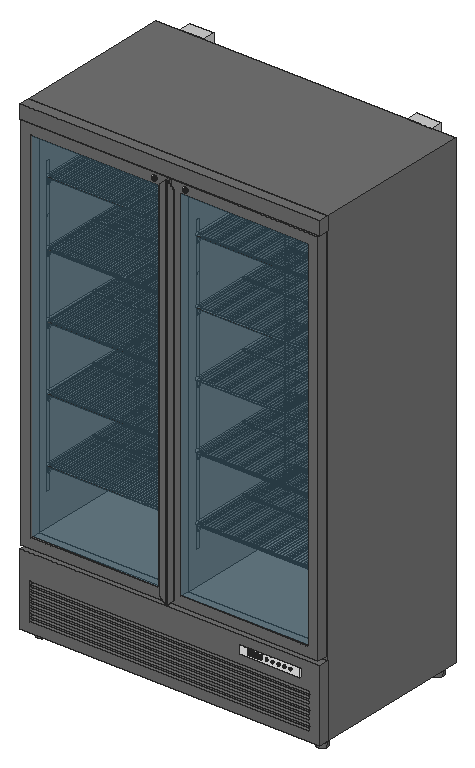
Revit family "QF_BLIZZARD_BMF2_250923020155", category Specialty Equipment, Revit 2021 (continued)
Definition of nested family "QF_BLIZZARD_BMF2_2920"
  Forms (mm)
    Extrusion 64, solid
      sketch origin (590.5, -688.633, 200) x (0, -1, 0) y (0, 0, 1)
        loop
          line (-77, 606.989) -> (-73, 606.989) -> (-73, 610.989) -> (-77, 610.989) -> (-77, 606.989)
        loop
          line (-77, 621.989) -> (-73, 621.989) -> (-73, 625.989) -> (-77, 625.989) -> (-77, 621.989)
        loop
          line (-77, 636.989) -> (-73, 636.989) -> (-73, 640.989) -> (-77, 640.989) -> (-77, 636.989)
        loop
          line (-77, 651.989) -> (-73, 651.989) -> (-73, 655.989) -> (-77, 655.989) -> (-77, 651.989)
        loop
          line (-77, 666.989) -> (-73, 666.989) -> (-73, 670.989) -> (-77, 670.989) -> (-77, 666.989)
        loop
          line (-77, 681.989) -> (-73, 681.989) -> (-73, 685.989) -> (-77, 685.989) -> (-77, 681.989)
        loop
          line (-77, 696.989) -> (-73, 696.989) -> (-73, 700.989) -> (-77, 700.989) -> (-77, 696.989)
        loop
          line (-77, 711.989) -> (-73, 711.989) -> (-73, 715.989) -> (-77, 715.989) -> (-77, 711.989)
        loop
          line (-77, 726.989) -> (-73, 726.989) -> (-73, 730.989) -> (-77, 730.989) -> (-77, 726.989)
        loop
          line (-77, 741.989) -> (-73, 741.989) -> (-73, 745.989) -> (-77, 745.989) -> (-77, 741.989)
        loop
          line (-77, 756.989) -> (-73, 756.989) -> (-73, 760.989) -> (-77, 760.989) -> (-77, 756.989)
        loop
          line (-77, 771.989) -> (-73, 771.989) -> (-73, 775.989) -> (-77, 775.989) -> (-77, 771.989)
        loop
          line (-77, 786.989) -> (-73, 786.989) -> (-73, 790.989) -> (-77, 790.989) -> (-77, 786.989)
        loop
          line (-77, 801.989) -> (-73, 801.989) -> (-73, 805.989) -> (-77, 805.989) -> (-77, 801.989)
        loop
          line (-77, 816.989) -> (-73, 816.989) -> (-73, 820.989) -> (-77, 820.989) -> (-77, 816.989)
        loop
          line (-77, 831.989) -> (-73, 831.989) -> (-73, 835.989) -> (-77, 835.989) -> (-77, 831.989)
        loop
          line (-77, 846.989) -> (-73, 846.989) -> (-73, 850.989) -> (-77, 850.989) -> (-77, 846.989)
        loop
          line (-77, 861.989) -> (-73, 861.989) -> (-73, 865.989) -> (-77, 865.989) -> (-77, 861.989)
        loop
          line (-77, 876.989) -> (-73, 876.989) -> (-73, 880.989) -> (-77, 880.989) -> (-77, 876.989)
        loop
          line (-77, 891.989) -> (-73, 891.989) -> (-73, 895.989) -> (-77, 895.989) -> (-77, 891.989)
        loop
          line (-77, 906.989) -> (-73, 906.989) -> (-73, 910.989) -> (-77, 910.989) -> (-77, 906.989)
        loop
          line (-77, 921.989) -> (-73, 921.989) -> (-73, 925.989) -> (-77, 925.989) -> (-77, 921.989)
        loop
          line (-77, 936.989) -> (-73, 936.989) -> (-73, 940.989) -> (-77, 940.989) -> (-77, 936.989)
        loop
          line (-77, 951.989) -> (-73, 951.989) -> (-73, 955.989) -> (-77, 955.989) -> (-77, 951.989)
        loop
          line (-77, 966.989) -> (-73, 966.989) -> (-73, 970.989) -> (-77, 970.989) -> (-77, 966.989)
        loop
          line (-77, 981.989) -> (-73, 981.989) -> (-73, 985.989) -> (-77, 985.989) -> (-77, 981.989)
        loop
          line (-77, 996.989) -> (-73, 996.989) -> (-73, 1000.989) -> (-77, 1000.989) -> (-77, 996.989)
        loop
          line (-77, 1011.989) -> (-73, 1011.989) -> (-73, 1015.989) -> (-77, 1015.989) -> (-77, 1011.989)
        loop
          line (-77, 1026.989) -> (-73, 1026.989) -> (-73, 1030.989) -> (-77, 1030.989) -> (-77, 1026.989)
        loop
          line (-77, 1041.989) -> (-73, 1041.989) -> (-73, 1045.989) -> (-77, 1045.989) -> (-77, 1041.989)
        loop
          line (-77, 1056.989) -> (-73, 1056.989) -> (-73, 1060.989) -> (-77, 1060.989) -> (-77, 1056.989)
        loop
          line (-77, 1071.989) -> (-73, 1071.989) -> (-73, 1075.989) -> (-77, 1075.989) -> (-77, 1071.989)
        loop
          line (-77, 1086.989) -> (-73, 1086.989) -> (-73, 1090.989) -> (-77, 1090.989) -> (-77, 1086.989)
        loop
          line (-77, 1101.989) -> (-73, 1101.989) -> (-73, 1105.989) -> (-77, 1105.989) -> (-77, 1101.989)
        loop
          line (-77, 1116.989) -> (-73, 1116.989) -> (-73, 1120.989) -> (-77, 1120.989) -> (-77, 1116.989)
        loop
          line (-77, 1131.989) -> (-73, 1131.989) -> (-73, 1135.989) -> (-77, 1135.989) -> (-77, 1131.989)
        loop
          line (-77, 1146.989) -> (-73, 1146.989) -> (-73, 1150.989) -> (-77, 1150.989) -> (-77, 1146.989)
        loop
          line (-77, 1161.989) -> (-73, 1161.989) -> (-73, 1165.989) -> (-77, 1165.989) -> (-77, 1161.989)
        loop
          line (-77, 1176.989) -> (-73, 1176.989) -> (-73, 1180.989) -> (-77, 1180.989) -> (-77, 1176.989)
        loop
          line (-77, 1191.989) -> (-73, 1191.989) -> (-73, 1195.989) -> (-77, 1195.989) -> (-77, 1191.989)
        loop
          line (-77, 1206.989) -> (-73, 1206.989) -> (-73, 1210.989) -> (-77, 1210.989) -> (-77, 1206.989)
        loop
          line (-77, 1221.989) -> (-73, 1221.989) -> (-73, 1225.989) -> (-77, 1225.989) -> (-77, 1221.989)
        loop
          line (-77, 1236.989) -> (-73, 1236.989) -> (-73, 1240.989) -> (-77, 1240.989) -> (-77, 1236.989)
        loop
          line (-77, 1251.989) -> (-73, 1251.989) -> (-73, 1255.989) -> (-77, 1255.989) -> (-77, 1251.989)
        loop
          line (-77, 1266.989) -> (-73, 1266.989) -> (-73, 1270.989) -> (-77, 1270.989) -> (-77, 1266.989)
        loop
          line (-77, 1281.989) -> (-73, 1281.989) -> (-73, 1285.989) -> (-77, 1285.989) -> (-77, 1281.989)
        loop
          line (-77, 1296.989) -> (-73, 1296.989) -> (-73, 1300.989) -> (-77, 1300.989) -> (-77, 1296.989)
        loop
          line (-77, 1311.989) -> (-73, 1311.989) -> (-73, 1315.989) -> (-77, 1315.989) -> (-77, 1311.989)
        loop
          line (-77, 1326.989) -> (-73, 1326.989) -> (-73, 1330.989) -> (-77, 1330.989) -> (-77, 1326.989)
        loop
          line (-77, 1341.989) -> (-73, 1341.989) -> (-73, 1345.989) -> (-77, 1345.989) -> (-77, 1341.989)
      from 0 to 5
    Extrusion 65, solid
      sketch origin (-1028.273, -1414.75, 866.919) x (-1, 0, 0) y (0, 0, -1)
        loop
          line (-1608.773, -812.071) -> (-1608.773, -844.071) -> (-1593.825, -844.071) -> (-1608.773, -812.071)
      from -1264.75 to -1262.75
    Extrusion 66, solid
      sketch origin (585.5, -538.633, 1105.383) x (0, -1, 0) y (0, 0, 1)
        loop
          line (-382.633, 605.606) -> (-392.633, 605.606) -> (-392.633, 573.606) -> (-382.633, 573.606) -> (-382.633, 605.606)
      from 0 to 5
    Extrusion 67, solid
      sketch origin (-1028.273, 650.117, 866.919) x (-1, 0, 0) y (0, 0, 1)
        loop
          line (-1608.773, 812.071) -> (-1593.825, 844.071) -> (-1608.773, 844.071) -> (-1608.773, 812.071)
      from -1264.75 to -1262.75
    Extrusion 68, solid
      sketch origin (585.5, -226, 1105.383) x (0, 1, 0) y (0, 0, -1)
        loop
          line (-382.633, -605.606) -> (-382.633, -573.606) -> (-392.633, -573.606) -> (-392.633, -605.606) -> (-382.633, -605.606)
      from 0 to 5
    Extrusion 69, solid
      sketch origin (590.5, -226, 200) x (0, -1, 0) y (0, 0, 1)
        loop
          line (-70, 1562) -> (-80, 1562) -> (-80, 330) -> (-70, 330) -> (-70, 1562)
        loop
          line (-77, 336.989) -> (-73, 336.989) -> (-73, 340.989) -> (-77, 340.989) -> (-77, 336.989)
        loop
          line (-77, 351.989) -> (-73, 351.989) -> (-73, 355.989) -> (-77, 355.989) -> (-77, 351.989)
        loop
          line (-77, 366.989) -> (-73, 366.989) -> (-73, 370.989) -> (-77, 370.989) -> (-77, 366.989)
        loop
          line (-77, 381.989) -> (-73, 381.989) -> (-73, 385.989) -> (-77, 385.989) -> (-77, 381.989)
        loop
          line (-77, 396.989) -> (-73, 396.989) -> (-73, 400.989) -> (-77, 400.989) -> (-77, 396.989)
        loop
          line (-77, 411.989) -> (-73, 411.989) -> (-73, 415.989) -> (-77, 415.989) -> (-77, 411.989)
        loop
          line (-77, 426.989) -> (-73, 426.989) -> (-73, 430.989) -> (-77, 430.989) -> (-77, 426.989)
        loop
          line (-77, 441.989) -> (-73, 441.989) -> (-73, 445.989) -> (-77, 445.989) -> (-77, 441.989)
        loop
          line (-77, 456.989) -> (-73, 456.989) -> (-73, 460.989) -> (-77, 460.989) -> (-77, 456.989)
        loop
          line (-77, 471.989) -> (-73, 471.989) -> (-73, 475.989) -> (-77, 475.989) -> (-77, 471.989)
        loop
          line (-77, 486.989) -> (-73, 486.989) -> (-73, 490.989) -> (-77, 490.989) -> (-77, 486.989)
        loop
          line (-77, 501.989) -> (-73, 501.989) -> (-73, 505.989) -> (-77, 505.989) -> (-77, 501.989)
        loop
          line (-77, 516.989) -> (-73, 516.989) -> (-73, 520.989) -> (-77, 520.989) -> (-77, 516.989)
        loop
          line (-77, 531.989) -> (-73, 531.989) -> (-73, 535.989) -> (-77, 535.989) -> (-77, 531.989)
        loop
          line (-77, 546.989) -> (-73, 546.989) -> (-73, 550.989) -> (-77, 550.989) -> (-77, 546.989)
        loop
          line (-77, 561.989) -> (-73, 561.989) -> (-73, 565.989) -> (-77, 565.989) -> (-77, 561.989)
        loop
          line (-77, 576.989) -> (-73, 576.989) -> (-73, 580.989) -> (-77, 580.989) -> (-77, 576.989)
        loop
          line (-77, 591.989) -> (-73, 591.989) -> (-73, 595.989) -> (-77, 595.989) -> (-77, 591.989)
        loop
          line (-77, 606.989) -> (-73, 606.989) -> (-73, 610.989) -> (-77, 610.989) -> (-77, 606.989)
        loop
          line (-77, 621.989) -> (-73, 621.989) -> (-73, 625.989) -> (-77, 625.989) -> (-77, 621.989)
        loop
          line (-77, 636.989) -> (-73, 636.989) -> (-73, 640.989) -> (-77, 640.989) -> (-77, 636.989)
        loop
          line (-77, 651.989) -> (-73, 651.989) -> (-73, 655.989) -> (-77, 655.989) -> (-77, 651.989)
        loop
          line (-77, 666.989) -> (-73, 666.989) -> (-73, 670.989) -> (-77, 670.989) -> (-77, 666.989)
        loop
          line (-77, 681.989) -> (-73, 681.989) -> (-73, 685.989) -> (-77, 685.989) -> (-77, 681.989)
        loop
          line (-77, 696.989) -> (-73, 696.989) -> (-73, 700.989) -> (-77, 700.989) -> (-77, 696.989)
        loop
          line (-77, 711.989) -> (-73, 711.989) -> (-73, 715.989) -> (-77, 715.989) -> (-77, 711.989)
        loop
          line (-77, 726.989) -> (-73, 726.989) -> (-73, 730.989) -> (-77, 730.989) -> (-77, 726.989)
        loop
          line (-77, 741.989) -> (-73, 741.989) -> (-73, 745.989) -> (-77, 745.989) -> (-77, 741.989)
        loop
          line (-77, 756.989) -> (-73, 756.989) -> (-73, 760.989) -> (-77, 760.989) -> (-77, 756.989)
        loop
          line (-77, 771.989) -> (-73, 771.989) -> (-73, 775.989) -> (-77, 775.989) -> (-77, 771.989)
        loop
          line (-77, 786.989) -> (-73, 786.989) -> (-73, 790.989) -> (-77, 790.989) -> (-77, 786.989)
        loop
          line (-77, 801.989) -> (-73, 801.989) -> (-73, 805.989) -> (-77, 805.989) -> (-77, 801.989)
        loop
          line (-77, 816.989) -> (-73, 816.989) -> (-73, 820.989) -> (-77, 820.989) -> (-77, 816.989)
        loop
          line (-77, 831.989) -> (-73, 831.989) -> (-73, 835.989) -> (-77, 835.989) -> (-77, 831.989)
        loop
          line (-77, 846.989) -> (-73, 846.989) -> (-73, 850.989) -> (-77, 850.989) -> (-77, 846.989)
        loop
          line (-77, 861.989) -> (-73, 861.989) -> (-73, 865.989) -> (-77, 865.989) -> (-77, 861.989)
        loop
          line (-77, 876.989) -> (-73, 876.989) -> (-73, 880.989) -> (-77, 880.989) -> (-77, 876.989)
        loop
          line (-77, 891.989) -> (-73, 891.989) -> (-73, 895.989) -> (-77, 895.989) -> (-77, 891.989)
        loop
          line (-77, 906.989) -> (-73, 906.989) -> (-73, 910.989) -> (-77, 910.989) -> (-77, 906.989)
        loop
          line (-77, 921.989) -> (-73, 921.989) -> (-73, 925.989) -> (-77, 925.989) -> (-77, 921.989)
        loop
          line (-77, 936.989) -> (-73, 936.989) -> (-73, 940.989) -> (-77, 940.989) -> (-77, 936.989)
        loop
          line (-77, 951.989) -> (-73, 951.989) -> (-73, 955.989) -> (-77, 955.989) -> (-77, 951.989)
        loop
          line (-77, 966.989) -> (-73, 966.989) -> (-73, 970.989) -> (-77, 970.989) -> (-77, 966.989)
        loop
          line (-77, 981.989) -> (-73, 981.989) -> (-73, 985.989) -> (-77, 985.989) -> (-77, 981.989)
        loop
          line (-77, 996.989) -> (-73, 996.989) -> (-73, 1000.989) -> (-77, 1000.989) -> (-77, 996.989)
        loop
          line (-77, 1011.989) -> (-73, 1011.989) -> (-73, 1015.989) -> (-77, 1015.989) -> (-77, 1011.989)
        loop
          line (-77, 1026.989) -> (-73, 1026.989) -> (-73, 1030.989) -> (-77, 1030.989) -> (-77, 1026.989)
        loop
          line (-77, 1041.989) -> (-73, 1041.989) -> (-73, 1045.989) -> (-77, 1045.989) -> (-77, 1041.989)
        loop
          line (-77, 1056.989) -> (-73, 1056.989) -> (-73, 1060.989) -> (-77, 1060.989) -> (-77, 1056.989)
        loop
          line (-77, 1071.989) -> (-73, 1071.989) -> (-73, 1075.989) -> (-77, 1075.989) -> (-77, 1071.989)
        loop
          line (-77, 1086.989) -> (-73, 1086.989) -> (-73, 1090.989) -> (-77, 1090.989) -> (-77, 1086.989)
        loop
          line (-77, 1101.989) -> (-73, 1101.989) -> (-73, 1105.989) -> (-77, 1105.989) -> (-77, 1101.989)
        loop
          line (-77, 1116.989) -> (-73, 1116.989) -> (-73, 1120.989) -> (-77, 1120.989) -> (-77, 1116.989)
        loop
          line (-77, 1131.989) -> (-73, 1131.989) -> (-73, 1135.989) -> (-77, 1135.989) -> (-77, 1131.989)
        loop
          line (-77, 1146.989) -> (-73, 1146.989) -> (-73, 1150.989) -> (-77, 1150.989) -> (-77, 1146.989)
        loop
          line (-77, 1161.989) -> (-73, 1161.989) -> (-73, 1165.989) -> (-77, 1165.989) -> (-77, 1161.989)
        loop
          line (-77, 1176.989) -> (-73, 1176.989) -> (-73, 1180.989) -> (-77, 1180.989) -> (-77, 1176.989)
        loop
          line (-77, 1191.989) -> (-73, 1191.989) -> (-73, 1195.989) -> (-77, 1195.989) -> (-77, 1191.989)
        loop
          line (-77, 1206.989) -> (-73, 1206.989) -> (-73, 1210.989) -> (-77, 1210.989) -> (-77, 1206.989)
        loop
          line (-77, 1221.989) -> (-73, 1221.989) -> (-73, 1225.989) -> (-77, 1225.989) -> (-77, 1221.989)
        loop
          line (-77, 1236.989) -> (-73, 1236.989) -> (-73, 1240.989) -> (-77, 1240.989) -> (-77, 1236.989)
        loop
          line (-77, 1251.989) -> (-73, 1251.989) -> (-73, 1255.989) -> (-77, 1255.989) -> (-77, 1251.989)
        loop
          line (-77, 1266.989) -> (-73, 1266.989) -> (-73, 1270.989) -> (-77, 1270.989) -> (-77, 1266.989)
        loop
          line (-77, 1281.989) -> (-73, 1281.989) -> (-73, 1285.989) -> (-77, 1285.989) -> (-77, 1281.989)
        loop
          line (-77, 1296.989) -> (-73, 1296.989) -> (-73, 1300.989) -> (-77, 1300.989) -> (-77, 1296.989)
        loop
          line (-77, 1311.989) -> (-73, 1311.989) -> (-73, 1315.989) -> (-77, 1315.989) -> (-77, 1311.989)
        loop
          line (-77, 1326.989) -> (-73, 1326.989) -> (-73, 1330.989) -> (-77, 1330.989) -> (-77, 1326.989)
        loop
          line (-77, 1341.989) -> (-73, 1341.989) -> (-73, 1345.989) -> (-77, 1345.989) -> (-77, 1341.989)
        loop
          line (-77, 1356.989) -> (-73, 1356.989) -> (-73, 1360.989) -> (-77, 1360.989) -> (-77, 1356.989)
        loop
          line (-77, 1371.989) -> (-73, 1371.989) -> (-73, 1375.989) -> (-77, 1375.989) -> (-77, 1371.989)
        loop
          line (-77, 1386.989) -> (-73, 1386.989) -> (-73, 1390.989) -> (-77, 1390.989) -> (-77, 1386.989)
        loop
          line (-77, 1401.989) -> (-73, 1401.989) -> (-73, 1405.989) -> (-77, 1405.989) -> (-77, 1401.989)
        loop
          line (-77, 1416.989) -> (-73, 1416.989) -> (-73, 1420.989) -> (-77, 1420.989) -> (-77, 1416.989)
        loop
          line (-77, 1431.989) -> (-73, 1431.989) -> (-73, 1435.989) -> (-77, 1435.989) -> (-77, 1431.989)
        loop
          line (-77, 1446.989) -> (-73, 1446.989) -> (-73, 1450.989) -> (-77, 1450.989) -> (-77, 1446.989)
        loop
          line (-77, 1461.989) -> (-73, 1461.989) -> (-73, 1465.989) -> (-77, 1465.989) -> (-77, 1461.989)
        loop
          line (-77, 1476.989) -> (-73, 1476.989) -> (-73, 1480.989) -> (-77, 1480.989) -> (-77, 1476.989)
        loop
          line (-77, 1491.989) -> (-73, 1491.989) -> (-73, 1495.989) -> (-77, 1495.989) -> (-77, 1491.989)
        loop
          line (-77, 1506.989) -> (-73, 1506.989) -> (-73, 1510.989) -> (-77, 1510.989) -> (-77, 1506.989)
        loop
          line (-77, 1521.989) -> (-73, 1521.989) -> (-73, 1525.989) -> (-77, 1525.989) -> (-77, 1521.989)
        loop
          line (-77, 1536.989) -> (-73, 1536.989) -> (-73, 1540.989) -> (-77, 1540.989) -> (-77, 1536.989)
        loop
          line (-77, 1551.989) -> (-73, 1551.989) -> (-73, 1555.989) -> (-77, 1555.989) -> (-77, 1551.989)
      from 0 to 5
    Extrusion 70, solid
      sketch origin (590.5, -688.633, 200) x (0, -1, 0) y (0, 0, 1)
        loop
          line (-70, 1562) -> (-80, 1562) -> (-80, 330) -> (-70, 330) -> (-70, 1562)
        loop
          line (-77, 336.989) -> (-73, 336.989) -> (-73, 340.989) -> (-77, 340.989) -> (-77, 336.989)
        loop
          line (-77, 351.989) -> (-73, 351.989) -> (-73, 355.989) -> (-77, 355.989) -> (-77, 351.989)
        loop
          line (-77, 366.989) -> (-73, 366.989) -> (-73, 370.989) -> (-77, 370.989) -> (-77, 366.989)
        loop
          line (-77, 381.989) -> (-73, 381.989) -> (-73, 385.989) -> (-77, 385.989) -> (-77, 381.989)
        loop
          line (-77, 396.989) -> (-73, 396.989) -> (-73, 400.989) -> (-77, 400.989) -> (-77, 396.989)
        loop
          line (-77, 411.989) -> (-73, 411.989) -> (-73, 415.989) -> (-77, 415.989) -> (-77, 411.989)
        loop
          line (-77, 426.989) -> (-73, 426.989) -> (-73, 430.989) -> (-77, 430.989) -> (-77, 426.989)
        loop
          line (-77, 441.989) -> (-73, 441.989) -> (-73, 445.989) -> (-77, 445.989) -> (-77, 441.989)
        loop
          line (-77, 456.989) -> (-73, 456.989) -> (-73, 460.989) -> (-77, 460.989) -> (-77, 456.989)
        loop
          line (-77, 471.989) -> (-73, 471.989) -> (-73, 475.989) -> (-77, 475.989) -> (-77, 471.989)
        loop
          line (-77, 486.989) -> (-73, 486.989) -> (-73, 490.989) -> (-77, 490.989) -> (-77, 486.989)
        loop
          line (-77, 501.989) -> (-73, 501.989) -> (-73, 505.989) -> (-77, 505.989) -> (-77, 501.989)
        loop
          line (-77, 516.989) -> (-73, 516.989) -> (-73, 520.989) -> (-77, 520.989) -> (-77, 516.989)
        loop
          line (-77, 531.989) -> (-73, 531.989) -> (-73, 535.989) -> (-77, 535.989) -> (-77, 531.989)
        loop
          line (-77, 546.989) -> (-73, 546.989) -> (-73, 550.989) -> (-77, 550.989) -> (-77, 546.989)
        loop
          line (-77, 561.989) -> (-73, 561.989) -> (-73, 565.989) -> (-77, 565.989) -> (-77, 561.989)
        loop
          line (-77, 576.989) -> (-73, 576.989) -> (-73, 580.989) -> (-77, 580.989) -> (-77, 576.989)
        loop
          line (-77, 591.989) -> (-73, 591.989) -> (-73, 595.989) -> (-77, 595.989) -> (-77, 591.989)
        loop
          line (-77, 606.989) -> (-73, 606.989) -> (-73, 610.989) -> (-77, 610.989) -> (-77, 606.989)
        loop
          line (-77, 621.989) -> (-73, 621.989) -> (-73, 625.989) -> (-77, 625.989) -> (-77, 621.989)
        loop
          line (-77, 636.989) -> (-73, 636.989) -> (-73, 640.989) -> (-77, 640.989) -> (-77, 636.989)
        loop
          line (-77, 651.989) -> (-73, 651.989) -> (-73, 655.989) -> (-77, 655.989) -> (-77, 651.989)
        loop
          line (-77, 666.989) -> (-73, 666.989) -> (-73, 670.989) -> (-77, 670.989) -> (-77, 666.989)
        loop
          line (-77, 681.989) -> (-73, 681.989) -> (-73, 685.989) -> (-77, 685.989) -> (-77, 681.989)
        loop
          line (-77, 696.989) -> (-73, 696.989) -> (-73, 700.989) -> (-77, 700.989) -> (-77, 696.989)
        loop
          line (-77, 711.989) -> (-73, 711.989) -> (-73, 715.989) -> (-77, 715.989) -> (-77, 711.989)
        loop
          line (-77, 726.989) -> (-73, 726.989) -> (-73, 730.989) -> (-77, 730.989) -> (-77, 726.989)
        loop
          line (-77, 741.989) -> (-73, 741.989) -> (-73, 745.989) -> (-77, 745.989) -> (-77, 741.989)
        loop
          line (-77, 756.989) -> (-73, 756.989) -> (-73, 760.989) -> (-77, 760.989) -> (-77, 756.989)
        loop
          line (-77, 771.989) -> (-73, 771.989) -> (-73, 775.989) -> (-77, 775.989) -> (-77, 771.989)
        loop
          line (-77, 786.989) -> (-73, 786.989) -> (-73, 790.989) -> (-77, 790.989) -> (-77, 786.989)
        loop
          line (-77, 801.989) -> (-73, 801.989) -> (-73, 805.989) -> (-77, 805.989) -> (-77, 801.989)
        loop
          line (-77, 816.989) -> (-73, 816.989) -> (-73, 820.989) -> (-77, 820.989) -> (-77, 816.989)
        loop
          line (-77, 831.989) -> (-73, 831.989) -> (-73, 835.989) -> (-77, 835.989) -> (-77, 831.989)
        loop
          line (-77, 846.989) -> (-73, 846.989) -> (-73, 850.989) -> (-77, 850.989) -> (-77, 846.989)
        loop
          line (-77, 861.989) -> (-73, 861.989) -> (-73, 865.989) -> (-77, 865.989) -> (-77, 861.989)
        loop
          line (-77, 876.989) -> (-73, 876.989) -> (-73, 880.989) -> (-77, 880.989) -> (-77, 876.989)
        loop
          line (-77, 891.989) -> (-73, 891.989) -> (-73, 895.989) -> (-77, 895.989) -> (-77, 891.989)
        loop
          line (-77, 906.989) -> (-73, 906.989) -> (-73, 910.989) -> (-77, 910.989) -> (-77, 906.989)
        loop
          line (-77, 921.989) -> (-73, 921.989) -> (-73, 925.989) -> (-77, 925.989) -> (-77, 921.989)
        loop
          line (-77, 936.989) -> (-73, 936.989) -> (-73, 940.989) -> (-77, 940.989) -> (-77, 936.989)
        loop
          line (-77, 951.989) -> (-73, 951.989) -> (-73, 955.989) -> (-77, 955.989) -> (-77, 951.989)
        loop
          line (-77, 966.989) -> (-73, 966.989) -> (-73, 970.989) -> (-77, 970.989) -> (-77, 966.989)
        loop
          line (-77, 981.989) -> (-73, 981.989) -> (-73, 985.989) -> (-77, 985.989) -> (-77, 981.989)
        loop
          line (-77, 996.989) -> (-73, 996.989) -> (-73, 1000.989) -> (-77, 1000.989) -> (-77, 996.989)
        loop
          line (-77, 1011.989) -> (-73, 1011.989) -> (-73, 1015.989) -> (-77, 1015.989) -> (-77, 1011.989)
        loop
          line (-77, 1026.989) -> (-73, 1026.989) -> (-73, 1030.989) -> (-77, 1030.989) -> (-77, 1026.989)
        loop
          line (-77, 1041.989) -> (-73, 1041.989) -> (-73, 1045.989) -> (-77, 1045.989) -> (-77, 1041.989)
        loop
          line (-77, 1056.989) -> (-73, 1056.989) -> (-73, 1060.989) -> (-77, 1060.989) -> (-77, 1056.989)
        loop
          line (-77, 1071.989) -> (-73, 1071.989) -> (-73, 1075.989) -> (-77, 1075.989) -> (-77, 1071.989)
        loop
          line (-77, 1086.989) -> (-73, 1086.989) -> (-73, 1090.989) -> (-77, 1090.989) -> (-77, 1086.989)
        loop
          line (-77, 1101.989) -> (-73, 1101.989) -> (-73, 1105.989) -> (-77, 1105.989) -> (-77, 1101.989)
        loop
          line (-77, 1116.989) -> (-73, 1116.989) -> (-73, 1120.989) -> (-77, 1120.989) -> (-77, 1116.989)
        loop
          line (-77, 1131.989) -> (-73, 1131.989) -> (-73, 1135.989) -> (-77, 1135.989) -> (-77, 1131.989)
        loop
          line (-77, 1146.989) -> (-73, 1146.989) -> (-73, 1150.989) -> (-77, 1150.989) -> (-77, 1146.989)
        loop
          line (-77, 1161.989) -> (-73, 1161.989) -> (-73, 1165.989) -> (-77, 1165.989) -> (-77, 1161.989)
        loop
          line (-77, 1176.989) -> (-73, 1176.989) -> (-73, 1180.989) -> (-77, 1180.989) -> (-77, 1176.989)
        loop
          line (-77, 1191.989) -> (-73, 1191.989) -> (-73, 1195.989) -> (-77, 1195.989) -> (-77, 1191.989)
        loop
          line (-77, 1206.989) -> (-73, 1206.989) -> (-73, 1210.989) -> (-77, 1210.989) -> (-77, 1206.989)
        loop
          line (-77, 1221.989) -> (-73, 1221.989) -> (-73, 1225.989) -> (-77, 1225.989) -> (-77, 1221.989)
        loop
          line (-77, 1236.989) -> (-73, 1236.989) -> (-73, 1240.989) -> (-77, 1240.989) -> (-77, 1236.989)
        loop
          line (-77, 1251.989) -> (-73, 1251.989) -> (-73, 1255.989) -> (-77, 1255.989) -> (-77, 1251.989)
        loop
          line (-77, 1266.989) -> (-73, 1266.989) -> (-73, 1270.989) -> (-77, 1270.989) -> (-77, 1266.989)
        loop
          line (-77, 1281.989) -> (-73, 1281.989) -> (-73, 1285.989) -> (-77, 1285.989) -> (-77, 1281.989)
        loop
          line (-77, 1296.989) -> (-73, 1296.989) -> (-73, 1300.989) -> (-77, 1300.989) -> (-77, 1296.989)
        loop
          line (-77, 1311.989) -> (-73, 1311.989) -> (-73, 1315.989) -> (-77, 1315.989) -> (-77, 1311.989)
        loop
          line (-77, 1326.989) -> (-73, 1326.989) -> (-73, 1330.989) -> (-77, 1330.989) -> (-77, 1326.989)
        loop
          line (-77, 1341.989) -> (-73, 1341.989) -> (-73, 1345.989) -> (-77, 1345.989) -> (-77, 1341.989)
        loop
          line (-77, 1356.989) -> (-73, 1356.989) -> (-73, 1360.989) -> (-77, 1360.989) -> (-77, 1356.989)
        loop
          line (-77, 1371.989) -> (-73, 1371.989) -> (-73, 1375.989) -> (-77, 1375.989) -> (-77, 1371.989)
        loop
          line (-77, 1386.989) -> (-73, 1386.989) -> (-73, 1390.989) -> (-77, 1390.989) -> (-77, 1386.989)
        loop
          line (-77, 1401.989) -> (-73, 1401.989) -> (-73, 1405.989) -> (-77, 1405.989) -> (-77, 1401.989)
        loop
          line (-77, 1416.989) -> (-73, 1416.989) -> (-73, 1420.989) -> (-77, 1420.989) -> (-77, 1416.989)
        loop
          line (-77, 1431.989) -> (-73, 1431.989) -> (-73, 1435.989) -> (-77, 1435.989) -> (-77, 1431.989)
        loop
          line (-77, 1446.989) -> (-73, 1446.989) -> (-73, 1450.989) -> (-77, 1450.989) -> (-77, 1446.989)
        loop
          line (-77, 1461.989) -> (-73, 1461.989) -> (-73, 1465.989) -> (-77, 1465.989) -> (-77, 1461.989)
        loop
          line (-77, 1476.989) -> (-73, 1476.989) -> (-73, 1480.989) -> (-77, 1480.989) -> (-77, 1476.989)
        loop
          line (-77, 1491.989) -> (-73, 1491.989) -> (-73, 1495.989) -> (-77, 1495.989) -> (-77, 1491.989)
        loop
          line (-77, 1506.989) -> (-73, 1506.989) -> (-73, 1510.989) -> (-77, 1510.989) -> (-77, 1506.989)
        loop
          line (-77, 1521.989) -> (-73, 1521.989) -> (-73, 1525.989) -> (-77, 1525.989) -> (-77, 1521.989)
        loop
          line (-77, 1536.989) -> (-73, 1536.989) -> (-73, 1540.989) -> (-77, 1540.989) -> (-77, 1536.989)
        loop
          line (-77, 1551.989) -> (-73, 1551.989) -> (-73, 1555.989) -> (-77, 1555.989) -> (-77, 1551.989)
      from 0 to 5
    Extrusion 71, solid
      sketch origin (-1028.273, -1414.75, 596.919) x (-1, 0, 0) y (0, 0, -1)
        loop
          line (-1608.773, -812.071) -> (-1608.773, -844.071) -> (-1593.825, -844.071) -> (-1608.773, -812.071)
      from -1264.75 to -1262.75
    Extrusion 72, solid
      sketch origin (585.5, -538.633, 835.383) x (0, -1, 0) y (0, 0, 1)
        loop
          line (-382.633, 605.606) -> (-392.633, 605.606) -> (-392.633, 573.606) -> (-382.633, 573.606) -> (-382.633, 605.606)
      from 0 to 5
    Extrusion 73, solid
      sketch origin (-1028.273, 650.117, 596.919) x (-1, 0, 0) y (0, 0, 1)
        loop
          line (-1608.773, 812.071) -> (-1593.825, 844.071) -> (-1608.773, 844.071) -> (-1608.773, 812.071)
      from -1264.75 to -1262.75
    Extrusion 74, solid
      sketch origin (585.5, -226, 835.383) x (0, 1, 0) y (0, 0, -1)
        loop
          line (-382.633, -605.606) -> (-382.633, -573.606) -> (-392.633, -573.606) -> (-392.633, -605.606) -> (-382.633, -605.606)
      from 0 to 5
    Extrusion 75, solid
      sketch origin (-1028.273, -1414.75, 326.919) x (-1, 0, 0) y (0, 0, -1)
        loop
          line (-1608.773, -812.071) -> (-1608.773, -844.071) -> (-1593.825, -844.071) -> (-1608.773, -812.071)
      from -1264.75 to -1262.75
    Extrusion 76, solid
      sketch origin (585.5, -538.633, 565.383) x (0, -1, 0) y (0, 0, 1)
        loop
          line (-382.633, 605.606) -> (-392.633, 605.606) -> (-392.633, 573.606) -> (-382.633, 573.606) -> (-382.633, 605.606)
      from 0 to 5
    Extrusion 77, solid
      sketch origin (-1028.273, 650.117, 326.919) x (-1, 0, 0) y (0, 0, 1)
        loop
          line (-1608.773, 812.071) -> (-1593.825, 844.071) -> (-1608.773, 844.071) -> (-1608.773, 812.071)
      from -1264.75 to -1262.75
    Extrusion 78, solid
      sketch origin (585.5, -226, 565.383) x (0, 1, 0) y (0, 0, -1)
        loop
          line (-382.633, -605.606) -> (-382.633, -573.606) -> (-392.633, -573.606) -> (-392.633, -605.606) -> (-382.633, -605.606)
      from 0 to 5
    Extrusion 79, solid
      sketch origin (-1028.273, -1414.75, 56.919) x (-1, 0, 0) y (0, 0, -1)
        loop
          line (-1608.773, -812.071) -> (-1608.773, -844.071) -> (-1593.825, -844.071) -> (-1608.773, -812.071)
      from -1264.75 to -1262.75
    Extrusion 80, solid
      sketch origin (585.5, -538.633, 295.383) x (0, -1, 0) y (0, 0, 1)
        loop
          line (-382.633, 605.606) -> (-392.633, 605.606) -> (-392.633, 573.606) -> (-382.633, 573.606) -> (-382.633, 605.606)
      from 0 to 5
    Extrusion 81, solid
      sketch origin (-1028.273, 650.117, 56.919) x (-1, 0, 0) y (0, 0, 1)
        loop
          line (-1608.773, 812.071) -> (-1593.825, 844.071) -> (-1608.773, 844.071) -> (-1608.773, 812.071)
      from -1264.75 to -1262.75
    Extrusion 82, solid
      sketch origin (585.5, -226, 295.383) x (0, 1, 0) y (0, 0, -1)
        loop
          line (-382.633, -605.606) -> (-382.633, -573.606) -> (-392.633, -573.606) -> (-392.633, -605.606) -> (-382.633, -605.606)
      from 0 to 5
    Extrusion 83, solid
      sketch origin (-1028.273, -1414.75, -213.081) x (-1, 0, 0) y (0, 0, -1)
        loop
          line (-1608.773, -812.071) -> (-1608.773, -844.071) -> (-1593.825, -844.071) -> (-1608.773, -812.071)
      from -1264.75 to -1262.75
    Extrusion 84, solid
      sketch origin (585.5, -538.633, 25.383) x (0, -1, 0) y (0, 0, 1)
        loop
          line (-382.633, 605.606) -> (-392.633, 605.606) -> (-392.633, 573.606) -> (-382.633, 573.606) -> (-382.633, 605.606)
      from 0 to 5
    Extrusion 85, solid
      sketch origin (-1028.273, 650.117, -213.081) x (-1, 0, 0) y (0, 0, 1)
        loop
          line (-1608.773, 812.071) -> (-1593.825, 844.071) -> (-1608.773, 844.071) -> (-1608.773, 812.071)
      from -1264.75 to -1262.75
    Extrusion 86, solid
      sketch origin (585.5, -226, 25.383) x (0, 1, 0) y (0, 0, -1)
        loop
          line (-382.633, -605.606) -> (-382.633, -573.606) -> (-392.633, -573.606) -> (-392.633, -605.606) -> (-382.633, -605.606)
      from 0 to 5
    Sweep 87, solid
      path origin (47.141, -189.803, 1443.371) x (1, 0, 0) y (0, 1, 0)
        loop
          arc (9.859, 55.803) -> (1.373, 52.288) -> (-2.141, 43.803) r 12
          line (-2.141, 43.803) -> (-2.141, -428.83)
          arc (-2.141, -428.83) -> (1.373, -437.316) -> (9.859, -440.83) r 12
          line (9.859, -440.83) -> (521.359, -440.83)
          arc (521.359, -440.83) -> (529.844, -437.316) -> (533.359, -428.83) r 12
          line (533.359, -428.83) -> (533.359, 43.803)
          arc (533.359, 43.803) -> (529.844, 52.288) -> (521.359, 55.803) r 12
          line (521.359, 55.803) -> (9.859, 55.803)
      profile origin (312.75, -134, 1443.371) x (0, 1, 0) y (0, 0, 1)
        loop
          circle (0, 0) r 3.5
    Extrusion 88, solid
      sketch origin (45, -189.803, 1443.371) x (1, 0, 0) y (0, 0, 1)
        loop
          circle (13.5, 4.5) r 1
        loop
          circle (26, 4.5) r 1
        loop
          circle (38.5, 4.5) r 1
        loop
          circle (51, 4.5) r 1
        loop
          circle (63.5, 4.5) r 1
        loop
          circle (76, 4.5) r 1
        loop
          circle (88.5, 4.5) r 1
        loop
          circle (101, 4.5) r 1
        loop
          circle (113.5, 4.5) r 1
        loop
          circle (126, 4.5) r 1
        loop
          circle (138.5, 4.5) r 1
        loop
          circle (151, 4.5) r 1
        loop
          circle (163.5, 4.5) r 1
        loop
          circle (176, 4.5) r 1
        loop
          circle (188.5, 4.5) r 1
        loop
          circle (201, 4.5) r 1
        loop
          circle (213.5, 4.5) r 1
        loop
          circle (226, 4.5) r 1
        loop
          circle (238.5, 4.5) r 1
        loop
          circle (251, 4.5) r 1
        loop
          circle (263.5, 4.5) r 1
        loop
          circle (276, 4.5) r 1
        loop
          circle (288.5, 4.5) r 1
        loop
          circle (301, 4.5) r 1
        loop
          circle (313.5, 4.5) r 1
        loop
          circle (326, 4.5) r 1
        loop
          circle (338.5, 4.5) r 1
        loop
          circle (351, 4.5) r 1
        loop
          circle (363.5, 4.5) r 1
        loop
          circle (376, 4.5) r 1
        loop
          circle (388.5, 4.5) r 1
        loop
          circle (401, 4.5) r 1
        loop
          circle (413.5, 4.5) r 1
        loop
          circle (426, 4.5) r 1
        loop
          circle (438.5, 4.5) r 1
        loop
          circle (451, 4.5) r 1
        loop
          circle (463.5, 4.5) r 1
        loop
          circle (476, 4.5) r 1
        loop
          circle (488.5, 4.5) r 1
        loop
          circle (501, 4.5) r 1
        loop
          circle (513.5, 4.5) r 1
      from -55.803 to 440.197
    Extrusion 89, solid
      sketch origin (45, -170.816, 1443.371) x (0, 1, 0) y (0, 0, 1)
        loop
          circle (-211.5, 0) r 3.5
      from 0 to 535.5
    Sweep 90, solid
      path origin (47.141, -189.803, 1173.371) x (1, 0, 0) y (0, 1, 0)
        loop
          arc (9.859, 55.803) -> (1.373, 52.288) -> (-2.141, 43.803) r 12
          line (-2.141, 43.803) -> (-2.141, -428.83)
          arc (-2.141, -428.83) -> (1.373, -437.316) -> (9.859, -440.83) r 12
          line (9.859, -440.83) -> (521.359, -440.83)
          arc (521.359, -440.83) -> (529.844, -437.316) -> (533.359, -428.83) r 12
          line (533.359, -428.83) -> (533.359, 43.803)
          arc (533.359, 43.803) -> (529.844, 52.288) -> (521.359, 55.803) r 12
          line (521.359, 55.803) -> (9.859, 55.803)
      profile origin (312.75, -134, 1173.371) x (0, 1, 0) y (0, 0, 1)
        loop
          circle (0, 0) r 3.5
    Extrusion 91, solid
      sketch origin (45, -189.803, 1173.371) x (1, 0, 0) y (0, 0, 1)
        loop
          circle (13.5, 4.5) r 1
        loop
          circle (26, 4.5) r 1
        loop
          circle (38.5, 4.5) r 1
        loop
          circle (51, 4.5) r 1
        loop
          circle (63.5, 4.5) r 1
        loop
          circle (76, 4.5) r 1
        loop
          circle (88.5, 4.5) r 1
        loop
          circle (101, 4.5) r 1
        loop
          circle (113.5, 4.5) r 1
        loop
          circle (126, 4.5) r 1
        loop
          circle (138.5, 4.5) r 1
        loop
          circle (151, 4.5) r 1
        loop
          circle (163.5, 4.5) r 1
        loop
          circle (176, 4.5) r 1
        loop
          circle (188.5, 4.5) r 1
        loop
          circle (201, 4.5) r 1
        loop
          circle (213.5, 4.5) r 1
        loop
          circle (226, 4.5) r 1
        loop
          circle (238.5, 4.5) r 1
        loop
          circle (251, 4.5) r 1
        loop
          circle (263.5, 4.5) r 1
        loop
          circle (276, 4.5) r 1
        loop
          circle (288.5, 4.5) r 1
        loop
          circle (301, 4.5) r 1
        loop
          circle (313.5, 4.5) r 1
        loop
          circle (326, 4.5) r 1
        loop
          circle (338.5, 4.5) r 1
        loop
          circle (351, 4.5) r 1
        loop
          circle (363.5, 4.5) r 1
        loop
          circle (376, 4.5) r 1
        loop
          circle (388.5, 4.5) r 1
        loop
          circle (401, 4.5) r 1
        loop
          circle (413.5, 4.5) r 1
        loop
          circle (426, 4.5) r 1
        loop
          circle (438.5, 4.5) r 1
        loop
          circle (451, 4.5) r 1
        loop
          circle (463.5, 4.5) r 1
        loop
          circle (476, 4.5) r 1
        loop
          circle (488.5, 4.5) r 1
        loop
          circle (501, 4.5) r 1
        loop
          circle (513.5, 4.5) r 1
      from -55.803 to 440.197
    Extrusion 92, solid
      sketch origin (45, -170.816, 1173.371) x (0, 1, 0) y (0, 0, 1)
        loop
          circle (-211.5, 0) r 3.5
      from 0 to 535.5
    Sweep 93, solid
      path origin (47.141, -189.803, 903.371) x (1, 0, 0) y (0, 1, 0)
        loop
          arc (9.859, 55.803) -> (1.373, 52.288) -> (-2.141, 43.803) r 12
          line (-2.141, 43.803) -> (-2.141, -428.83)
          arc (-2.141, -428.83) -> (1.373, -437.316) -> (9.859, -440.83) r 12
          line (9.859, -440.83) -> (521.359, -440.83)
          arc (521.359, -440.83) -> (529.844, -437.316) -> (533.359, -428.83) r 12
          line (533.359, -428.83) -> (533.359, 43.803)
          arc (533.359, 43.803) -> (529.844, 52.288) -> (521.359, 55.803) r 12
          line (521.359, 55.803) -> (9.859, 55.803)
      profile origin (312.75, -134, 903.371) x (0, 1, 0) y (0, 0, 1)
        loop
          circle (0, 0) r 3.5
    Extrusion 94, solid
      sketch origin (45, -189.803, 903.371) x (1, 0, 0) y (0, 0, 1)
        loop
          circle (13.5, 4.5) r 1
        loop
          circle (26, 4.5) r 1
        loop
          circle (38.5, 4.5) r 1
        loop
          circle (51, 4.5) r 1
        loop
          circle (63.5, 4.5) r 1
        loop
          circle (76, 4.5) r 1
        loop
          circle (88.5, 4.5) r 1
        loop
          circle (101, 4.5) r 1
        loop
          circle (113.5, 4.5) r 1
        loop
          circle (126, 4.5) r 1
        loop
          circle (138.5, 4.5) r 1
        loop
          circle (151, 4.5) r 1
        loop
          circle (163.5, 4.5) r 1
        loop
          circle (176, 4.5) r 1
        loop
          circle (188.5, 4.5) r 1
        loop
          circle (201, 4.5) r 1
        loop
          circle (213.5, 4.5) r 1
        loop
          circle (226, 4.5) r 1
        loop
          circle (238.5, 4.5) r 1
        loop
          circle (251, 4.5) r 1
        loop
          circle (263.5, 4.5) r 1
        loop
          circle (276, 4.5) r 1
        loop
          circle (288.5, 4.5) r 1
        loop
          circle (301, 4.5) r 1
        loop
          circle (313.5, 4.5) r 1
        loop
          circle (326, 4.5) r 1
        loop
          circle (338.5, 4.5) r 1
        loop
          circle (351, 4.5) r 1
        loop
          circle (363.5, 4.5) r 1
        loop
          circle (376, 4.5) r 1
        loop
          circle (388.5, 4.5) r 1
        loop
          circle (401, 4.5) r 1
        loop
          circle (413.5, 4.5) r 1
        loop
          circle (426, 4.5) r 1
        loop
          circle (438.5, 4.5) r 1
        loop
          circle (451, 4.5) r 1
        loop
          circle (463.5, 4.5) r 1
        loop
          circle (476, 4.5) r 1
        loop
          circle (488.5, 4.5) r 1
        loop
          circle (501, 4.5) r 1
        loop
          circle (513.5, 4.5) r 1
      from -55.803 to 440.197
    Extrusion 95, solid
      sketch origin (45, -170.816, 903.371) x (0, 1, 0) y (0, 0, 1)
        loop
          circle (-211.5, 0) r 3.5
      from 0 to 535.5
    Sweep 96, solid
      path origin (47.141, -189.803, 633.371) x (1, 0, 0) y (0, 1, 0)
        loop
          arc (9.859, 55.803) -> (1.373, 52.288) -> (-2.141, 43.803) r 12
          line (-2.141, 43.803) -> (-2.141, -428.83)
          arc (-2.141, -428.83) -> (1.373, -437.316) -> (9.859, -440.83) r 12
          line (9.859, -440.83) -> (521.359, -440.83)
          arc (521.359, -440.83) -> (529.844, -437.316) -> (533.359, -428.83) r 12
          line (533.359, -428.83) -> (533.359, 43.803)
          arc (533.359, 43.803) -> (529.844, 52.288) -> (521.359, 55.803) r 12
          line (521.359, 55.803) -> (9.859, 55.803)
      profile origin (312.75, -134, 633.371) x (0, 1, 0) y (0, 0, 1)
        loop
          circle (0, 0) r 3.5
    Extrusion 97, solid
      sketch origin (45, -189.803, 633.371) x (1, 0, 0) y (0, 0, 1)
        loop
          circle (13.5, 4.5) r 1
        loop
          circle (26, 4.5) r 1
        loop
          circle (38.5, 4.5) r 1
        loop
          circle (51, 4.5) r 1
        loop
          circle (63.5, 4.5) r 1
        loop
          circle (76, 4.5) r 1
        loop
          circle (88.5, 4.5) r 1
        loop
          circle (101, 4.5) r 1
        loop
          circle (113.5, 4.5) r 1
        loop
          circle (126, 4.5) r 1
        loop
          circle (138.5, 4.5) r 1
        loop
          circle (151, 4.5) r 1
        loop
          circle (163.5, 4.5) r 1
        loop
          circle (176, 4.5) r 1
        loop
          circle (188.5, 4.5) r 1
        loop
          circle (201, 4.5) r 1
        loop
          circle (213.5, 4.5) r 1
        loop
          circle (226, 4.5) r 1
        loop
          circle (238.5, 4.5) r 1
        loop
          circle (251, 4.5) r 1
        loop
          circle (263.5, 4.5) r 1
        loop
          circle (276, 4.5) r 1
        loop
          circle (288.5, 4.5) r 1
        loop
          circle (301, 4.5) r 1
        loop
          circle (313.5, 4.5) r 1
        loop
          circle (326, 4.5) r 1
        loop
          circle (338.5, 4.5) r 1
        loop
          circle (351, 4.5) r 1
        loop
          circle (363.5, 4.5) r 1
        loop
          circle (376, 4.5) r 1
        loop
          circle (388.5, 4.5) r 1
        loop
          circle (401, 4.5) r 1
        loop
          circle (413.5, 4.5) r 1
        loop
          circle (426, 4.5) r 1
        loop
          circle (438.5, 4.5) r 1
        loop
          circle (451, 4.5) r 1
        loop
          circle (463.5, 4.5) r 1
        loop
          circle (476, 4.5) r 1
        loop
          circle (488.5, 4.5) r 1
        loop
          circle (501, 4.5) r 1
        loop
          circle (513.5, 4.5) r 1
      from -55.803 to 440.197
    Extrusion 98, solid
      sketch origin (45, -170.816, 633.371) x (0, 1, 0) y (0, 0, 1)
        loop
          circle (-211.5, 0) r 3.5
      from 0 to 535.5
    Extrusion 99, solid
      sketch origin (1215, -688.633, 200) x (0, -1, 0) y (0, 0, 1)
        loop
          line (-70, 1362) -> (-80, 1362) -> (-80, 330) -> (-70, 330) -> (-70, 1362)
        loop
          line (-77, 336.989) -> (-73, 336.989) -> (-73, 340.989) -> (-77, 340.989) -> (-77, 336.989)
        loop
          line (-77, 351.989) -> (-73, 351.989) -> (-73, 355.989) -> (-77, 355.989) -> (-77, 351.989)
        loop
          line (-77, 366.989) -> (-73, 366.989) -> (-73, 370.989) -> (-77, 370.989) -> (-77, 366.989)
        loop
          line (-77, 381.989) -> (-73, 381.989) -> (-73, 385.989) -> (-77, 385.989) -> (-77, 381.989)
        loop
          line (-77, 396.989) -> (-73, 396.989) -> (-73, 400.989) -> (-77, 400.989) -> (-77, 396.989)
        loop
          line (-77, 411.989) -> (-73, 411.989) -> (-73, 415.989) -> (-77, 415.989) -> (-77, 411.989)
        loop
          line (-77, 426.989) -> (-73, 426.989) -> (-73, 430.989) -> (-77, 430.989) -> (-77, 426.989)
        loop
          line (-77, 441.989) -> (-73, 441.989) -> (-73, 445.989) -> (-77, 445.989) -> (-77, 441.989)
        loop
          line (-77, 456.989) -> (-73, 456.989) -> (-73, 460.989) -> (-77, 460.989) -> (-77, 456.989)
        loop
          line (-77, 471.989) -> (-73, 471.989) -> (-73, 475.989) -> (-77, 475.989) -> (-77, 471.989)
        loop
          line (-77, 486.989) -> (-73, 486.989) -> (-73, 490.989) -> (-77, 490.989) -> (-77, 486.989)
        loop
          line (-77, 501.989) -> (-73, 501.989) -> (-73, 505.989) -> (-77, 505.989) -> (-77, 501.989)
        loop
          line (-77, 516.989) -> (-73, 516.989) -> (-73, 520.989) -> (-77, 520.989) -> (-77, 516.989)
        loop
          line (-77, 531.989) -> (-73, 531.989) -> (-73, 535.989) -> (-77, 535.989) -> (-77, 531.989)
        loop
          line (-77, 546.989) -> (-73, 546.989) -> (-73, 550.989) -> (-77, 550.989) -> (-77, 546.989)
        loop
          line (-77, 561.989) -> (-73, 561.989) -> (-73, 565.989) -> (-77, 565.989) -> (-77, 561.989)
        loop
          line (-77, 576.989) -> (-73, 576.989) -> (-73, 580.989) -> (-77, 580.989) -> (-77, 576.989)
        loop
          line (-77, 591.989) -> (-73, 591.989) -> (-73, 595.989) -> (-77, 595.989) -> (-77, 591.989)
        loop
          line (-77, 606.989) -> (-73, 606.989) -> (-73, 610.989) -> (-77, 610.989) -> (-77, 606.989)
        loop
          line (-77, 621.989) -> (-73, 621.989) -> (-73, 625.989) -> (-77, 625.989) -> (-77, 621.989)
        loop
          line (-77, 636.989) -> (-73, 636.989) -> (-73, 640.989) -> (-77, 640.989) -> (-77, 636.989)
        loop
          line (-77, 651.989) -> (-73, 651.989) -> (-73, 655.989) -> (-77, 655.989) -> (-77, 651.989)
        loop
          line (-77, 666.989) -> (-73, 666.989) -> (-73, 670.989) -> (-77, 670.989) -> (-77, 666.989)
        loop
          line (-77, 681.989) -> (-73, 681.989) -> (-73, 685.989) -> (-77, 685.989) -> (-77, 681.989)
        loop
          line (-77, 696.989) -> (-73, 696.989) -> (-73, 700.989) -> (-77, 700.989) -> (-77, 696.989)
        loop
          line (-77, 711.989) -> (-73, 711.989) -> (-73, 715.989) -> (-77, 715.989) -> (-77, 711.989)
        loop
          line (-77, 726.989) -> (-73, 726.989) -> (-73, 730.989) -> (-77, 730.989) -> (-77, 726.989)
        loop
          line (-77, 741.989) -> (-73, 741.989) -> (-73, 745.989) -> (-77, 745.989) -> (-77, 741.989)
        loop
          line (-77, 756.989) -> (-73, 756.989) -> (-73, 760.989) -> (-77, 760.989) -> (-77, 756.989)
        loop
          line (-77, 771.989) -> (-73, 771.989) -> (-73, 775.989) -> (-77, 775.989) -> (-77, 771.989)
        loop
          line (-77, 786.989) -> (-73, 786.989) -> (-73, 790.989) -> (-77, 790.989) -> (-77, 786.989)
        loop
          line (-77, 801.989) -> (-73, 801.989) -> (-73, 805.989) -> (-77, 805.989) -> (-77, 801.989)
        loop
          line (-77, 816.989) -> (-73, 816.989) -> (-73, 820.989) -> (-77, 820.989) -> (-77, 816.989)
        loop
          line (-77, 831.989) -> (-73, 831.989) -> (-73, 835.989) -> (-77, 835.989) -> (-77, 831.989)
        loop
          line (-77, 846.989) -> (-73, 846.989) -> (-73, 850.989) -> (-77, 850.989) -> (-77, 846.989)
        loop
          line (-77, 861.989) -> (-73, 861.989) -> (-73, 865.989) -> (-77, 865.989) -> (-77, 861.989)
        loop
          line (-77, 876.989) -> (-73, 876.989) -> (-73, 880.989) -> (-77, 880.989) -> (-77, 876.989)
        loop
          line (-77, 891.989) -> (-73, 891.989) -> (-73, 895.989) -> (-77, 895.989) -> (-77, 891.989)
        loop
          line (-77, 906.989) -> (-73, 906.989) -> (-73, 910.989) -> (-77, 910.989) -> (-77, 906.989)
        loop
          line (-77, 921.989) -> (-73, 921.989) -> (-73, 925.989) -> (-77, 925.989) -> (-77, 921.989)
        loop
          line (-77, 936.989) -> (-73, 936.989) -> (-73, 940.989) -> (-77, 940.989) -> (-77, 936.989)
        loop
          line (-77, 951.989) -> (-73, 951.989) -> (-73, 955.989) -> (-77, 955.989) -> (-77, 951.989)
        loop
          line (-77, 966.989) -> (-73, 966.989) -> (-73, 970.989) -> (-77, 970.989) -> (-77, 966.989)
        loop
          line (-77, 981.989) -> (-73, 981.989) -> (-73, 985.989) -> (-77, 985.989) -> (-77, 981.989)
        loop
          line (-77, 996.989) -> (-73, 996.989) -> (-73, 1000.989) -> (-77, 1000.989) -> (-77, 996.989)
        loop
          line (-77, 1011.989) -> (-73, 1011.989) -> (-73, 1015.989) -> (-77, 1015.989) -> (-77, 1011.989)
        loop
          line (-77, 1026.989) -> (-73, 1026.989) -> (-73, 1030.989) -> (-77, 1030.989) -> (-77, 1026.989)
        loop
          line (-77, 1041.989) -> (-73, 1041.989) -> (-73, 1045.989) -> (-77, 1045.989) -> (-77, 1041.989)
        loop
          line (-77, 1056.989) -> (-73, 1056.989) -> (-73, 1060.989) -> (-77, 1060.989) -> (-77, 1056.989)
        loop
          line (-77, 1071.989) -> (-73, 1071.989) -> (-73, 1075.989) -> (-77, 1075.989) -> (-77, 1071.989)
        loop
          line (-77, 1086.989) -> (-73, 1086.989) -> (-73, 1090.989) -> (-77, 1090.989) -> (-77, 1086.989)
        loop
          line (-77, 1101.989) -> (-73, 1101.989) -> (-73, 1105.989) -> (-77, 1105.989) -> (-77, 1101.989)
        loop
          line (-77, 1116.989) -> (-73, 1116.989) -> (-73, 1120.989) -> (-77, 1120.989) -> (-77, 1116.989)
        loop
          line (-77, 1131.989) -> (-73, 1131.989) -> (-73, 1135.989) -> (-77, 1135.989) -> (-77, 1131.989)
        loop
          line (-77, 1146.989) -> (-73, 1146.989) -> (-73, 1150.989) -> (-77, 1150.989) -> (-77, 1146.989)
        loop
          line (-77, 1161.989) -> (-73, 1161.989) -> (-73, 1165.989) -> (-77, 1165.989) -> (-77, 1161.989)
        loop
          line (-77, 1176.989) -> (-73, 1176.989) -> (-73, 1180.989) -> (-77, 1180.989) -> (-77, 1176.989)
        loop
          line (-77, 1191.989) -> (-73, 1191.989) -> (-73, 1195.989) -> (-77, 1195.989) -> (-77, 1191.989)
        loop
          line (-77, 1206.989) -> (-73, 1206.989) -> (-73, 1210.989) -> (-77, 1210.989) -> (-77, 1206.989)
        loop
          line (-77, 1221.989) -> (-73, 1221.989) -> (-73, 1225.989) -> (-77, 1225.989) -> (-77, 1221.989)
        loop
          line (-77, 1236.989) -> (-73, 1236.989) -> (-73, 1240.989) -> (-77, 1240.989) -> (-77, 1236.989)
        loop
          line (-77, 1251.989) -> (-73, 1251.989) -> (-73, 1255.989) -> (-77, 1255.989) -> (-77, 1251.989)
        loop
          line (-77, 1266.989) -> (-73, 1266.989) -> (-73, 1270.989) -> (-77, 1270.989) -> (-77, 1266.989)
        loop
          line (-77, 1281.989) -> (-73, 1281.989) -> (-73, 1285.989) -> (-77, 1285.989) -> (-77, 1281.989)
        loop
          line (-77, 1296.989) -> (-73, 1296.989) -> (-73, 1300.989) -> (-77, 1300.989) -> (-77, 1296.989)
        loop
          line (-77, 1311.989) -> (-73, 1311.989) -> (-73, 1315.989) -> (-77, 1315.989) -> (-77, 1311.989)
        loop
          line (-77, 1326.989) -> (-73, 1326.989) -> (-73, 1330.989) -> (-77, 1330.989) -> (-77, 1326.989)
        loop
          line (-77, 1341.989) -> (-73, 1341.989) -> (-73, 1345.989) -> (-77, 1345.989) -> (-77, 1341.989)
      from 0 to 5
    Sweep 100, solid
      path origin (1202.859, -189.803, 1713.371) x (-1, 0, 0) y (0, -1, 0)
        loop
          line (9.859, -55.803) -> (521.359, -55.803)
          arc (521.359, -55.803) -> (529.844, -52.288) -> (533.359, -43.803) r 12
          line (533.359, -43.803) -> (533.359, 428.83)
          arc (533.359, 428.83) -> (529.844, 437.316) -> (521.359, 440.83) r 12
          line (521.359, 440.83) -> (9.859, 440.83)
          arc (9.859, 440.83) -> (1.373, 437.316) -> (-2.141, 428.83) r 12
          line (-2.141, 428.83) -> (-2.141, -43.803)
          arc (-2.141, -43.803) -> (1.373, -52.288) -> (9.859, -55.803) r 12
      profile origin (937.25, -134, 1713.371) x (0, -1, 0) y (0, 0, 1)
        loop
          circle (0, 0) r 3.5
    Extrusion 101, solid
      sketch origin (1205, -189.803, 1713.371) x (-1, 0, 0) y (0, 0, -1)
        loop
          circle (13.5, -4.5) r 1
        loop
          circle (26, -4.5) r 1
        loop
          circle (38.5, -4.5) r 1
        loop
          circle (51, -4.5) r 1
        loop
          circle (63.5, -4.5) r 1
        loop
          circle (76, -4.5) r 1
        loop
          circle (88.5, -4.5) r 1
        loop
          circle (101, -4.5) r 1
        loop
          circle (113.5, -4.5) r 1
        loop
          circle (126, -4.5) r 1
        loop
          circle (138.5, -4.5) r 1
        loop
          circle (151, -4.5) r 1
        loop
          circle (163.5, -4.5) r 1
        loop
          circle (176, -4.5) r 1
        loop
          circle (188.5, -4.5) r 1
        loop
          circle (201, -4.5) r 1
        loop
          circle (213.5, -4.5) r 1
        loop
          circle (226, -4.5) r 1
        loop
          circle (238.5, -4.5) r 1
        loop
          circle (251, -4.5) r 1
        loop
          circle (263.5, -4.5) r 1
        loop
          circle (276, -4.5) r 1
        loop
          circle (288.5, -4.5) r 1
        loop
          circle (301, -4.5) r 1
        loop
          circle (313.5, -4.5) r 1
        loop
          circle (326, -4.5) r 1
        loop
          circle (338.5, -4.5) r 1
        loop
          circle (351, -4.5) r 1
        loop
          circle (363.5, -4.5) r 1
        loop
          circle (376, -4.5) r 1
        loop
          circle (388.5, -4.5) r 1
        loop
          circle (401, -4.5) r 1
        loop
          circle (413.5, -4.5) r 1
        loop
          circle (426, -4.5) r 1
        loop
          circle (438.5, -4.5) r 1
        loop
          circle (451, -4.5) r 1
        loop
          circle (463.5, -4.5) r 1
        loop
          circle (476, -4.5) r 1
        loop
          circle (488.5, -4.5) r 1
        loop
          circle (501, -4.5) r 1
        loop
          circle (513.5, -4.5) r 1
      from -55.803 to 440.197
    Extrusion 102, solid
      sketch origin (1205, -170.816, 1713.371) x (0, 1, 0) y (0, 0, -1)
        loop
          circle (-211.5, 0) r 3.5
      from 0 to 535.5
    Extrusion 103, solid
      sketch origin (-403.773, -1414.75, 866.919) x (-1, 0, 0) y (0, 0, -1)
        loop
          line (-1608.773, -812.071) -> (-1608.773, -844.071) -> (-1593.825, -844.071) -> (-1608.773, -812.071)
      from -1264.75 to -1262.75
    Extrusion 104, solid
      sketch origin (1210, -538.633, 1105.383) x (0, -1, 0) y (0, 0, 1)
        loop
          line (-382.633, 605.606) -> (-392.633, 605.606) -> (-392.633, 573.606) -> (-382.633, 573.606) -> (-382.633, 605.606)
      from 0 to 5
    Extrusion 105, solid
      sketch origin (-403.773, 650.117, 866.919) x (-1, 0, 0) y (0, 0, 1)
        loop
          line (-1608.773, 812.071) -> (-1593.825, 844.071) -> (-1608.773, 844.071) -> (-1608.773, 812.071)
      from -1264.75 to -1262.75
    Extrusion 106, solid
      sketch origin (1210, -226, 1105.383) x (0, 1, 0) y (0, 0, -1)
        loop
          line (-382.633, -605.606) -> (-382.633, -573.606) -> (-392.633, -573.606) -> (-392.633, -605.606) -> (-382.633, -605.606)
      from 0 to 5
    Extrusion 107, solid
      sketch origin (1215, -226, 200) x (0, -1, 0) y (0, 0, 1)
        loop
          line (-70, 1562) -> (-80, 1562) -> (-80, 330) -> (-70, 330) -> (-70, 1562)
        loop
          line (-77, 336.989) -> (-73, 336.989) -> (-73, 340.989) -> (-77, 340.989) -> (-77, 336.989)
        loop
          line (-77, 351.989) -> (-73, 351.989) -> (-73, 355.989) -> (-77, 355.989) -> (-77, 351.989)
        loop
          line (-77, 366.989) -> (-73, 366.989) -> (-73, 370.989) -> (-77, 370.989) -> (-77, 366.989)
        loop
          line (-77, 381.989) -> (-73, 381.989) -> (-73, 385.989) -> (-77, 385.989) -> (-77, 381.989)
        loop
          line (-77, 396.989) -> (-73, 396.989) -> (-73, 400.989) -> (-77, 400.989) -> (-77, 396.989)
        loop
          line (-77, 411.989) -> (-73, 411.989) -> (-73, 415.989) -> (-77, 415.989) -> (-77, 411.989)
        loop
          line (-77, 426.989) -> (-73, 426.989) -> (-73, 430.989) -> (-77, 430.989) -> (-77, 426.989)
        loop
          line (-77, 441.989) -> (-73, 441.989) -> (-73, 445.989) -> (-77, 445.989) -> (-77, 441.989)
        loop
          line (-77, 456.989) -> (-73, 456.989) -> (-73, 460.989) -> (-77, 460.989) -> (-77, 456.989)
        loop
          line (-77, 471.989) -> (-73, 471.989) -> (-73, 475.989) -> (-77, 475.989) -> (-77, 471.989)
        loop
          line (-77, 486.989) -> (-73, 486.989) -> (-73, 490.989) -> (-77, 490.989) -> (-77, 486.989)
        loop
          line (-77, 501.989) -> (-73, 501.989) -> (-73, 505.989) -> (-77, 505.989) -> (-77, 501.989)
        loop
          line (-77, 516.989) -> (-73, 516.989) -> (-73, 520.989) -> (-77, 520.989) -> (-77, 516.989)
        loop
          line (-77, 531.989) -> (-73, 531.989) -> (-73, 535.989) -> (-77, 535.989) -> (-77, 531.989)
        loop
          line (-77, 546.989) -> (-73, 546.989) -> (-73, 550.989) -> (-77, 550.989) -> (-77, 546.989)
        loop
          line (-77, 561.989) -> (-73, 561.989) -> (-73, 565.989) -> (-77, 565.989) -> (-77, 561.989)
        loop
          line (-77, 576.989) -> (-73, 576.989) -> (-73, 580.989) -> (-77, 580.989) -> (-77, 576.989)
        loop
          line (-77, 591.989) -> (-73, 591.989) -> (-73, 595.989) -> (-77, 595.989) -> (-77, 591.989)
        loop
          line (-77, 606.989) -> (-73, 606.989) -> (-73, 610.989) -> (-77, 610.989) -> (-77, 606.989)
        loop
          line (-77, 621.989) -> (-73, 621.989) -> (-73, 625.989) -> (-77, 625.989) -> (-77, 621.989)
        loop
          line (-77, 636.989) -> (-73, 636.989) -> (-73, 640.989) -> (-77, 640.989) -> (-77, 636.989)
        loop
          line (-77, 651.989) -> (-73, 651.989) -> (-73, 655.989) -> (-77, 655.989) -> (-77, 651.989)
        loop
          line (-77, 666.989) -> (-73, 666.989) -> (-73, 670.989) -> (-77, 670.989) -> (-77, 666.989)
        loop
          line (-77, 681.989) -> (-73, 681.989) -> (-73, 685.989) -> (-77, 685.989) -> (-77, 681.989)
        loop
          line (-77, 696.989) -> (-73, 696.989) -> (-73, 700.989) -> (-77, 700.989) -> (-77, 696.989)
        loop
          line (-77, 711.989) -> (-73, 711.989) -> (-73, 715.989) -> (-77, 715.989) -> (-77, 711.989)
        loop
          line (-77, 726.989) -> (-73, 726.989) -> (-73, 730.989) -> (-77, 730.989) -> (-77, 726.989)
        loop
          line (-77, 741.989) -> (-73, 741.989) -> (-73, 745.989) -> (-77, 745.989) -> (-77, 741.989)
        loop
          line (-77, 756.989) -> (-73, 756.989) -> (-73, 760.989) -> (-77, 760.989) -> (-77, 756.989)
        loop
          line (-77, 771.989) -> (-73, 771.989) -> (-73, 775.989) -> (-77, 775.989) -> (-77, 771.989)
        loop
          line (-77, 786.989) -> (-73, 786.989) -> (-73, 790.989) -> (-77, 790.989) -> (-77, 786.989)
        loop
          line (-77, 801.989) -> (-73, 801.989) -> (-73, 805.989) -> (-77, 805.989) -> (-77, 801.989)
        loop
          line (-77, 816.989) -> (-73, 816.989) -> (-73, 820.989) -> (-77, 820.989) -> (-77, 816.989)
        loop
          line (-77, 831.989) -> (-73, 831.989) -> (-73, 835.989) -> (-77, 835.989) -> (-77, 831.989)
        loop
          line (-77, 846.989) -> (-73, 846.989) -> (-73, 850.989) -> (-77, 850.989) -> (-77, 846.989)
